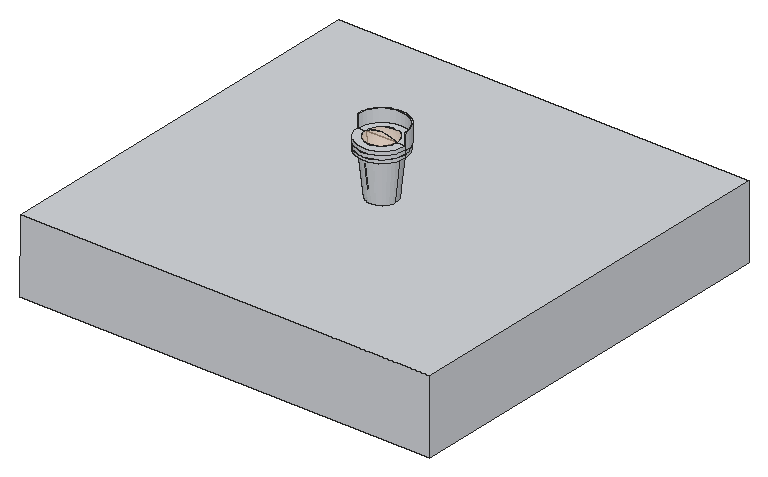
Revit family "Alcon-9038-Revit-Family", category Luminarias, Revit 2025
Family settings
  Anfitrión = Cara
  Cota de conector redondo = Usar diámetro
  Tipo de pieza = Normal
  Corte con vacíos al cargar = No
  Origen de luz = Sí
  Mantener orientación de anotación = No
  Compartido = No
  Punto de cálculo de habitación = No
Parameters
  Tilt Angle = 60.00°
  built-in parameter 1010506 = 0.5236 (stored number, unit not read)
  built-in parameter 1010507 = 1.5708 (stored number, unit not read)
  Wattage = 9.2903 W
  URL = "https://www.alconlighting.com/9038-architectural-led-in-ground-well-wall-wash-light.html"
  built-in parameter 1150107 = 3200 (stored number, unit not read)
  TOP FINISH = none
  TAP LENS = none
  built-in parameter 1150110 = 1 (stored number, unit not read)
  built-in parameter 1150109 = 1 (stored number, unit not read)
  built-in parameter 1150112 = 1 (stored number, unit not read)
  built-in parameter 1150113 = 1 (stored number, unit not read)
  built-in parameter 1114218 = 1 (stored number, unit not read)
  Product Page = "https://www.alconlighting.com/9038-architectural-led-in-ground-well-wall-wash-light.html"
  Product Data URL = "https://www.alconlighting.com/9038-architectural-led-in-ground-well-wall-wash-light.html"
  built-in parameter 1150137 = (empty or 0)
  built-in parameter 1150132 = (empty or 0)
  Modelo = "Alcon Lighting 9038"
  Longitud de símbolo de origen de luz = 10' - 0"
  Link to IES File = "https://www.alconlighting.com/9038-architectural-led-in-ground-well-wall-wash-light.html"
  LENS GLASS = Glass
  built-in parameter 1150105 = 4614.1 (stored number, unit not read)
  built-in parameter 1150102 = (empty or 0)
  built-in parameter 1150106 = 46.141 (stored number, unit not read)
  HOUSING = none
  GLASS LENS = Analytical Panels
  Lumens = 1380 lm
  Color Filter = 16777215
  built-in parameter 1114217 = 1 (stored number, unit not read)
  built-in parameter 1150139 = (empty or 0)
  Fabricante = "Alcon Lighting"
  Default Elevation = 4' - 0"
  built-in parameter 1150104 = 13.8 (stored number, unit not read)
  built-in parameter 1150115 = 1 (stored number, unit not read)
  built-in parameter 1150114 = 1 (stored number, unit not read)
  built-in parameter 1150138 = (empty or 0)
  built-in parameter 1150134 = 3
  Dimming Lamp Color Temperature Shift = (empty or 0)
  built-in parameter 1150133 = 10 (stored number, unit not read)
Reference planes (in)
  plane 1 "Center (Front/Back)": y = 0
  plane 2: z = 0
  plane 3 "Center (Left/Right)": x = 0
Forms (in)
  Extrusion 1, solid
    sketch origin (0, 0, 0) x (1, 0, 0) y (0, 1, 0)
      loop
        line (-33, 32.41633) -> (-33, -32.59453) -> (33.96505, -32.59453) -> (33.96505, 32.41633) -> (-33, 32.41633)
    from 0 to -12
  Revolve 2, solid
    sketch origin (21.33312, 0, 0.63869) x (1, 0, 0) y (0, 0, 1)
      loop
        line (-18.7357, 8.11131) -> (-19.51967, 0.65239) -> (-21.33312, 0.65239) -> (-21.33312, -0.63869) -> (-19.00232, -0.63869) -> (-18.26659, 6.36131) -> (-17.47812, 6.36131) -> (-17.47812, 6.84348) -> (-17.6159, 6.84348) -> (-17.6159, 6.90598) -> (-17.47812, 6.90598) -> (-17.47812, 7.47739) -> (-17.6159, 7.47739) -> (-17.6159, 7.53989) -> (-17.47812, 7.53989) -> (-17.47812, 8.11131) -> (-18.7357, 8.11131)
      axis (-21.33312, -0.63869) -> (-21.33312, 8.11131)
    angle from 0 to 360
  Revolve 3, solid, material "Analytical Panels" <- "GLASS LENS"
    sketch origin (21.33312, 0, 0.63869) x (1, 0, 0) y (0, 0, 1)
      loop
        line (-21.33312, 8.75) -> (-21.33312, 8.11131) -> (-18.77146, 8.11131)
        arc (-18.77146, 8.11131) -> (-20.01562, 8.57771) -> (-21.33312, 8.75) r 5.82422
      axis (-21.33312, 8.11131) -> (-21.33312, 8.75)
    angle from 0 to 360
  Extrusion 4, solid
    sketch origin (21.33312, 0, 8.17858) x (1, 0, 0) y (0, 1, 0)
      loop
        arc (-17.47812, 0) -> (-17.41562, -0.0625) -> (-17.35312, 0) r 0.0625
        arc (-17.35312, 0) -> (-21.33312, 3.98) -> (-25.31312, 0) r 3.98
        arc (-25.31312, 0) -> (-25.25062, -0.0625) -> (-25.18812, 0) r 0.0625
        arc (-25.18812, 0) -> (-21.33312, 3.855) -> (-17.47812, 0) r 3.855
    from 0 to 2.57031
Dimensions and locks (in)
  aligned and locked: plane 2 to Extrusion 1
  aligned and locked: level to Extrusion 1
